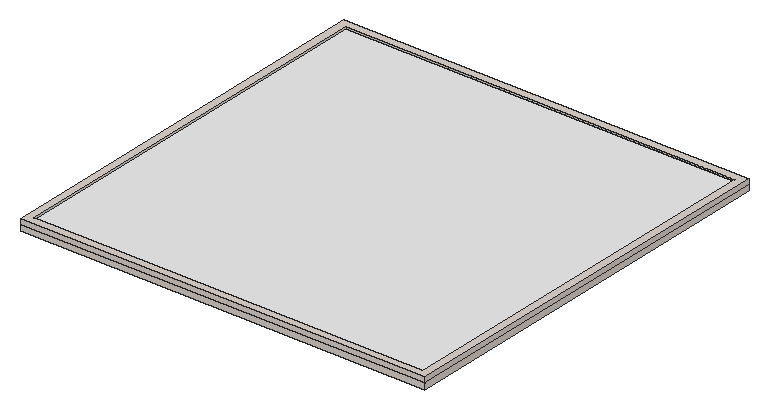
Revit family "SKY LED FLAT PANEL", category Lighting Fixtures, host Face, Revit 2020 (continued)
Types (13): name | Wattage | WATTS | built-in parameter 1150134 | Replaces/Equiv.(MH) | Photometric Web File | Order number | built-in parameter 1150142 | Model | built-in parameter 1150105 | Lumens | built-in parameter 1150107 | built-in parameter 1150106 | Fixture Width | Fixture Length | Default Elevation | Apparent Load
  SFLP24D3835 | 24.9088 W | 38 W | (empty or 0) | "2 x 32W FL" | "SFLP24D3835.IES" | "14220K" | "IESNA:LM-63-2002\r\n[TEST] \r\n[TESTLAB] EVERFINE\r\n[TESTDATE] 2018-09-06\r\n[ISSUEDATE] 2019-05-15 15:07:52\r\n[NEARFIELD] \r\n[LAMPPOSITION] 0,0\r\n[OTHER] EVERFINE GO-2000B_V1 SYSTEM\r\n[MANUFAC] Above All Lighting\r\n[LUMINAIRE] FLB 2002/1000WHQI\r\n[LAMP] 12612-SFLP24D3835\r\n[OTHER] \r\n[OTHER] Gamma(deg)    Fz(lm)      Ft(lm)     %Lum    %Lamp\r\n[OTHER]   0- 10       120.79      120.79     3.20     3.20\r\n[OTHER]  10- 20       347.44      468.23    12.39    12.39\r\n[OTHER]  20- 30       530.11      998.35    26.41    26.41\r\n[OTHER]  30- 40       644.23     1642.57    43.45    43.45\r\n[OTHER]  40- 50       673.34     2315.91    61.26    61.26\r\n[OTHER]  50- 60       613.48     2929.39    77.49    77.49\r\n[OTHER]  60- 70       473.04     3402.43    90.00    90.00\r\n[OTHER]  70- 80       278.99     3681.42    97.38    97.38\r\n[OTHER]  80- 90        83.08     3764.51    99.58    99.58\r\n[OTHER]  90-100         1.65     3766.16    99.62    99.62\r\n[OTHER] 100-110         2.21     3768.37    99.68    99.68\r\n[OTHER] 110-120         2.61     3770.98    99.75    99.75\r\n[OTHER] 120-130         2.59     3773.57    99.82    99.82\r\n[OTHER] 130-140         2.29     3775.86    99.88    99.88\r\n[OTHER] 140-150         1.89     3777.74    99.93    99.93\r\n[OTHER] 150-160         1.44     3779.18    99.97    99.97\r\n[OTHER] 160-170         0.91     3780.08    99.99    99.99\r\n[OTHER] 170-180         0.31     3780.39   100.00   100.00\r\n[OTHER] \r\nTILT=NONE\r\n1 3780.4 1 181 37 1 2 0.000 0.000 0.000\r\n1.000 1 34.0\r\n0.0    1.0    2.0    3.0    4.0    5.0    6.0    7.0    8.0    9.0    \r\n 10.0   11.0   12.0   13.0   14.0   15.0   16.0   17.0   18.0   19.0   \r\n 20.0   21.0   22.0   23.0   24.0   25.0   26.0   27.0   28.0   29.0   \r\n 30.0   31.0   32.0   33.0   34.0   35.0   36.0   37.0   38.0   39.0   \r\n 40.0   41.0   42.0   43.0   44.0   45.0   46.0   47.0   48.0   49.0   \r\n 50.0   51.0   52.0   53.0   54.0   55.0   56.0   57.0   58.0   59.0   \r\n 60.0   61.0   62.0   63.0   64.0   65.0   66.0   67.0   68.0   69.0   \r\n 70.0   71.0   72.0   73.0   74.0   75.0   76.0   77.0   78.0   79.0   \r\n 80.0   81.0   82.0   83.0   84.0   85.0   86.0   87.0   88.0   89.0   \r\n 90.0   91.0   92.0   93.0   94.0   95.0   96.0   97.0   98.0   99.0   \r\n 100.0  101.0  102.0  103.0  104.0  105.0  106.0  107.0  108.0  109.0  \r\n 110.0  111.0  112.0  113.0  114.0  115.0  116.0  117.0  118.0  119.0  \r\n 120.0  121.0  122.0  123.0  124.0  125.0  126.0  127.0  128.0  129.0  \r\n 130.0  131.0  132.0  133.0  134.0  135.0  136.0  137.0  138.0  139.0  \r\n 140.0  141.0  142.0  143.0  144.0  145.0  146.0  147.0  148.0  149.0  \r\n 150.0  151.0  152.0  153.0  154.0  155.0  156.0  157.0  158.0  159.0  \r\n 160.0  161.0  162.0  163.0  164.0  165.0  166.0  167.0  168.0  169.0  \r\n 170.0  171.0  172.0  173.0  174.0  175.0  176.0  177.0  178.0  179.0  \r\n 180.0  \r\n0.0    10.0   20.0   30.0   40.0   50.0   60.0   70.0   80.0   90.0   \r\n 100.0  110.0  120.0  130.0  140.0  150.0  160.0  170.0  180.0  190.0  \r\n 200.0  210.0  220.0  230.0  240.0  250.0  260.0  270.0  280.0  290.0  \r\n 300.0  310.0  320.0  330.0  340.0  350.0  360.0  \r\n1275.29  1274.81  1271.40  1270.05  1267.93  1266.20  1263.01  1259.38  1255.48  1251.28  \r\n 1246.80  1243.53  1237.68  1231.80  1227.82  1222.22  1216.29  1208.61  1202.37  1196.96  \r\n 1187.08  1181.45  1172.45  1165.85  1156.22  1146.65  1137.16  1128.23  1117.66  1106.88  \r\n 1094.91  1084.86  1072.04  1059.98  1047.66  1032.73  1019.67  1004.81  989.63   975.30   \r\n 960.16   943.30   927.21   909.47   892.59   875.53   858.24   840.54   821.18   802.87   \r\n 784.45   764.15   744.43   725.57   705.74   686.61   665.57   645.71   624.70   603.39   \r\n 582.67   561.69   539.87   518.61   497.36   475.26   453.18   431.41   410.35   387.90   \r\n 366.24   344.13   322.53   301.34   279.84   258.58   237.54   216.73   196.48   176.65   \r\n 157.11   138.30   119.50   101.73   84.01    67.93    51.96    37.62    23.76    11.05    \r\n 1.87     1.18     1.27     1.35     1.43     1.52     1.60     1.68     1.76     1.83     \r\n 1.91     1.98     2.06     2.13     2.20     2.27     2.33     2.39     2.45     2.49     \r\n 2.54     2.59     2.63     2.67     2.70     2.74     2.77     2.80     2.83     2.85     \r\n 2.87     2.89     2.91     2.92     2.94     2.94     2.95     2.96     2.96     2.96     \r\n 2.96     2.96     2.96     2.96     2.95     2.94     2.94     2.94     2.94     2.94     \r\n 2.93     2.93     2.93     2.93     2.91     2.90     2.88     2.87     2.86     2.85     \r\n 2.84     2.83     2.83     2.83     2.83     2.83     2.83     2.82     2.83     2.84     \r\n 2.85     2.86     2.88     2.89     2.91     2.92     2.94     2.96     2.97     2.99     \r\n 3.01     3.02     3.03     3.04     3.05     3.06     3.08     3.09     3.11     3.11     \r\n 3.11     \r\n1275.29  1274.08  1273.25  1270.16  1269.53  1263.71  1262.83  1260.08  1256.79  1251.03  \r\n 1247.16  1241.78  1237.47  1233.06  1226.51  1221.42  1216.07  1209.17  1203.07  1194.60  \r\n 1188.88  1179.52  1172.87  1162.66  1155.18  1145.85  1135.56  1127.14  1117.10  1105.28  \r\n 1094.61  1082.29  1070.89  1057.64  1043.06  1030.19  1015.04  1001.77  985.98   969.61   \r\n 954.88   937.64   920.79   904.01   886.86   869.93   851.98   834.30   816.08   796.45   \r\n 777.62   758.69   740.12   720.49   700.21   681.36   659.79   640.52   619.87   598.37   \r\n 576.57   556.67   535.35   513.97   491.99   469.60   449.01   427.21   405.41   382.86   \r\n 361.81   340.04   318.58   296.42   275.70   254.02   233.67   212.61   192.84   172.97   \r\n 153.64   134.58   116.27   98.32    81.25    65.39    49.54    35.10    21.53    8.87     \r\n 1.51     1.20     1.27     1.35     1.44     1.52     1.61     1.68     1.77     1.84     \r\n 1.92     1.99     2.06     2.14     2.21     2.27     2.34     2.39     2.44     2.50     \r\n 2.54     2.59     2.63     2.66     2.70     2.73     2.76     2.79     2.80     2.82     \r\n 2.84     2.86     2.87     2.88     2.89     2.90     2.90     2.90     2.90     2.90     \r\n 2.90     2.89     2.89     2.89     2.89     2.88     2.88     2.88     2.87     2.88     \r\n 2.88     2.88     2.88     2.86     2.85     2.84     2.83     2.82     2.81     2.81     \r\n 2.81     2.81     2.81     2.80     2.80     2.80     2.81     2.82     2.83     2.84     \r\n 2.85     2.86     2.88     2.90     2.92     2.93     2.95     2.96     2.97     2.98     \r\n 3.00     3.01     3.03     3.04     3.05     3.06     3.07     3.08     3.09     3.09     \r\n 3.11     \r\n1275.29  1272.86  1272.49  1270.91  1267.00  1265.31  1261.71  1260.32  1255.47  1251.53  \r\n 1248.56  1244.41  1238.67  1233.28  1227.57  1221.95  1215.96  1208.38  1202.61  1196.67  \r\n 1188.19  1181.24  1172.19  1163.13  1154.81  1145.77  1136.90  1126.32  1115.84  1104.52  \r\n 1093.11  1081.00  1067.54  1054.50  1042.49  1028.59  1013.88  1000.41  983.91   969.58   \r\n 952.82   936.42   920.35   902.23   885.53   868.26   849.76   833.38   814.06   796.40   \r\n 776.99   758.07   738.89   720.10   700.65   679.97   660.04   639.96   619.69   598.65   \r\n 576.88   556.54   535.38   513.90   492.44   470.61   449.08   427.67   405.97   383.88   \r\n 362.99   341.04   319.70   297.73   277.15   255.72   235.35   214.16   194.54   174.63   \r\n 155.14   136.56   117.98   100.38   82.76    66.74    50.68    36.31    22.20    9.73     \r\n 1.69     1.18     1.26     1.34     1.42     1.50     1.58     1.66     1.73     1.80     \r\n 1.88     1.96     2.03     2.11     2.17     2.24     2.30     2.36     2.42     2.47     \r\n 2.51     2.56     2.61     2.64     2.68     2.71     2.74     2.76     2.78     2.80     \r\n 2.82     2.84     2.85     2.86     2.87     2.87     2.88     2.88     2.88     2.88     \r\n 2.88     2.87     2.87     2.86     2.86     2.86     2.85     2.85     2.85     2.85     \r\n 2.85     2.84     2.84     2.82     2.81     2.80     2.78     2.78     2.77     2.78     \r\n 2.78     2.78     2.78     2.78     2.79     2.79     2.80     2.81     2.82     2.83     \r\n 2.85     2.86     2.87     2.89     2.90     2.91     2.92     2.93     2.94     2.95     \r\n 2.97     2.98     2.99     3.00     3.01     3.02     3.03     3.04     3.06     3.07     \r\n 3.11     \r\n1275.29  1274.68  1271.87  1270.79  1270.24  1267.06  1264.05  1260.83  1258.10  1253.39  \r\n 1249.65  1246.06  1239.49  1234.97  1230.13  1223.67  1216.67  1209.65  1202.83  1195.61  \r\n 1188.53  1180.66  1171.47  1163.71  1153.69  1143.95  1133.99  1123.33  1112.78  1102.14  \r\n 1090.48  1078.99  1065.82  1052.55  1040.19  1023.89  1010.55  996.67   979.90   964.98   \r\n 947.94   933.23   915.52   898.94   882.24   863.40   847.31   828.99   810.25   791.87   \r\n 773.39   754.69   735.02   715.83   696.01   675.73   656.41   636.11   615.86   594.78   \r\n 574.09   553.52   531.14   510.72   489.33   467.28   446.85   423.79   403.00   381.15   \r\n 359.54   337.72   316.49   294.67   273.98   252.86   232.51   212.05   191.88   172.09   \r\n 153.14   133.87   115.85   98.06    80.98    65.10    49.23    34.69    20.73    8.53     \r\n 1.43     1.18     1.25     1.33     1.42     1.50     1.57     1.64     1.72     1.79     \r\n 1.87     1.95     2.02     2.09     2.16     2.23     2.29     2.35     2.41     2.46     \r\n 2.52     2.56     2.60     2.64     2.68     2.71     2.75     2.77     2.79     2.81     \r\n 2.83     2.84     2.86     2.87     2.87     2.88     2.89     2.89     2.89     2.89     \r\n 2.88     2.88     2.87     2.86     2.85     2.85     2.84     2.83     2.82     2.82     \r\n 2.81     2.80     2.79     2.79     2.78     2.78     2.77     2.77     2.77     2.78     \r\n 2.78     2.78     2.79     2.79     2.80     2.80     2.82     2.83     2.84     2.85     \r\n 2.86     2.87     2.88     2.89     2.89     2.91     2.92     2.93     2.94     2.95     \r\n 2.96     2.98     2.98     3.00     3.01     3.02     3.04     3.06     3.08     3.10     \r\n 3.11     \r\n1275.29  1273.23  1274.06  1271.18  1270.17  1267.78  1266.82  1262.36  1261.09  1256.29  \r\n 1251.56  1248.44  1243.48  1237.16  1232.21  1225.10  1219.50  1211.59  1205.40  1198.67  \r\n 1191.39  1181.91  1173.37  1165.63  1155.34  1145.18  1136.37  1125.58  1115.18  1103.67  \r\n 1090.10  1078.95  1067.41  1054.97  1039.52  1025.79  1011.66  997.41   983.03   966.47   \r\n 951.10   935.14   919.25   902.31   884.98   866.80   849.16   831.72   813.19   795.82   \r\n 775.94   758.70   737.75   718.76   699.69   680.05   659.26   639.45   618.71   597.90   \r\n 577.21   556.29   535.37   514.15   491.87   470.43   449.20   427.76   406.21   384.12   \r\n 363.01   340.62   319.62   298.19   277.42   256.15   235.74   215.21   195.19   175.35   \r\n 156.39   137.67   118.96   101.40   83.77    67.69    51.59    36.94    22.36    9.95     \r\n 1.75     1.15     1.23     1.31     1.38     1.47     1.54     1.62     1.68     1.76     \r\n 1.83     1.90     1.97     2.04     2.12     2.18     2.25     2.32     2.38     2.44     \r\n 2.50     2.55     2.60     2.64     2.68     2.72     2.75     2.78     2.80     2.83     \r\n 2.84     2.86     2.88     2.89     2.90     2.90     2.90     2.91     2.91     2.90     \r\n 2.89     2.89     2.88     2.87     2.86     2.85     2.84     2.83     2.82     2.81     \r\n 2.80     2.79     2.78     2.77     2.76     2.76     2.75     2.75     2.76     2.78     \r\n 2.80     2.81     2.82     2.83     2.84     2.85     2.86     2.87     2.88     2.88     \r\n 2.88     2.89     2.90     2.91     2.92     2.93     2.95     2.96     2.97     2.98     \r\n 3.00     3.02     3.04     3.06     3.08     3.10     3.12     3.14     3.16     3.18     \r\n 3.11     \r\n1275.29  1273.43  1272.62  1271.35  1270.98  1267.70  1265.11  1263.82  1258.89  1255.58  \r\n 1253.56  1247.54  1243.27  1237.07  1232.73  1225.55  1220.30  1212.56  1205.71  1198.93  \r\n 1190.78  1181.33  1173.22  1165.16  1154.77  1144.92  1134.78  1123.18  1112.86  1100.48  \r\n 1089.92  1076.26  1064.76  1052.32  1037.96  1024.05  1009.46  994.21   981.14   965.54   \r\n 949.69   932.43   916.92   899.35   881.96   864.52   847.30   829.24   811.05   792.89   \r\n 773.77   755.83   736.61   716.64   697.67   676.84   657.02   636.78   615.59   596.22   \r\n 574.88   553.56   532.01   511.08   490.23   468.02   447.50   424.89   404.16   382.41   \r\n 360.86   339.13   317.86   296.06   275.61   254.20   233.93   213.58   193.79   173.86   \r\n 155.07   135.82   117.55   99.94    82.72    66.70    50.69    35.73    21.44    8.86     \r\n 1.44     1.15     1.21     1.29     1.37     1.45     1.53     1.61     1.68     1.75     \r\n 1.82     1.89     1.96     2.03     2.10     2.17     2.24     2.30     2.37     2.43     \r\n 2.50     2.56     2.61     2.66     2.71     2.74     2.78     2.81     2.84     2.87     \r\n 2.89     2.90     2.92     2.93     2.94     2.95     2.95     2.95     2.95     2.95     \r\n 2.94     2.93     2.92     2.91     2.90     2.89     2.88     2.87     2.86     2.84     \r\n 2.83     2.81     2.80     2.79     2.79     2.78     2.78     2.78     2.80     2.83     \r\n 2.85     2.87     2.88     2.89     2.90     2.90     2.91     2.92     2.93     2.94     \r\n 2.95     2.96     2.98     2.99     3.00     3.01     3.03     3.05     3.07     3.09     \r\n 3.11     3.14     3.16     3.18     3.20     3.22     3.24     3.25     3.26     3.28     \r\n 3.11     \r\n1275.29  1273.72  1274.13  1273.32  1272.21  1270.60  1267.63  1264.95  1263.68  1258.51  \r\n 1254.21  1250.43  1245.55  1241.49  1235.27  1228.26  1222.81  1215.73  1207.32  1199.75  \r\n 1192.12  1183.61  1176.22  1164.96  1156.02  1146.14  1136.04  1123.34  1112.71  1100.92  \r\n 1088.31  1078.11  1065.92  1052.14  1037.93  1024.69  1009.47  996.45   979.04   965.89   \r\n 949.51   933.56   917.77   900.02   882.94   866.31   848.99   830.76   813.22   794.81   \r\n 775.84   757.28   737.60   718.16   698.56   678.94   659.81   638.72   618.37   598.27   \r\n 577.07   556.02   534.23   513.78   492.66   470.84   449.46   427.69   406.21   384.85   \r\n 363.47   341.94   320.51   299.44   278.27   257.23   237.22   216.78   196.83   177.12   \r\n 157.97   139.46   120.95   103.40   85.73    69.60    53.41    38.34    23.46    10.54    \r\n 1.88     1.13     1.19     1.27     1.34     1.43     1.50     1.58     1.65     1.73     \r\n 1.80     1.87     1.94     2.00     2.07     2.14     2.21     2.28     2.34     2.41     \r\n 2.47     2.53     2.59     2.65     2.71     2.75     2.79     2.83     2.87     2.90     \r\n 2.92     2.94     2.95     2.97     2.98     2.99     3.00     3.00     3.00     3.00     \r\n 2.99     2.99     2.98     2.96     2.95     2.95     2.93     2.92     2.91     2.90     \r\n 2.89     2.87     2.86     2.86     2.86     2.87     2.87     2.87     2.87     2.89     \r\n 2.90     2.90     2.91     2.92     2.94     2.95     2.97     2.99     3.00     3.02     \r\n 3.04     3.06     3.07     3.09     3.12     3.14     3.17     3.20     3.23     3.26     \r\n 3.28     3.30     3.32     3.34     3.35     3.37     3.39     3.40     3.42     3.43     \r\n 3.11     \r\n1275.29  1276.15  1273.83  1272.28  1273.51  1269.79  1267.26  1266.78  1263.31  1257.59  \r\n 1254.06  1250.35  1246.22  1239.40  1233.44  1226.94  1221.77  1214.75  1206.83  1198.61  \r\n 1191.89  1183.24  1173.14  1162.85  1153.33  1145.51  1131.95  1122.90  1110.91  1098.98  \r\n 1086.99  1074.24  1061.82  1048.32  1035.01  1020.27  1005.80  990.77   977.00   962.60   \r\n 946.10   929.05   913.32   897.06   879.60   862.16   845.13   827.10   808.40   791.08   \r\n 772.31   754.18   734.07   715.15   695.77   676.31   656.26   635.54   614.99   595.21   \r\n 573.49   552.95   532.04   510.64   489.36   468.04   447.13   424.66   404.13   381.72   \r\n 360.99   339.33   318.13   297.04   276.22   255.45   235.18   214.85   195.24   175.72   \r\n 156.70   137.78   119.80   102.00   84.94    68.88    52.83    37.42    22.96    9.80     \r\n 1.59     1.13     1.19     1.26     1.34     1.42     1.50     1.58     1.65     1.73     \r\n 1
